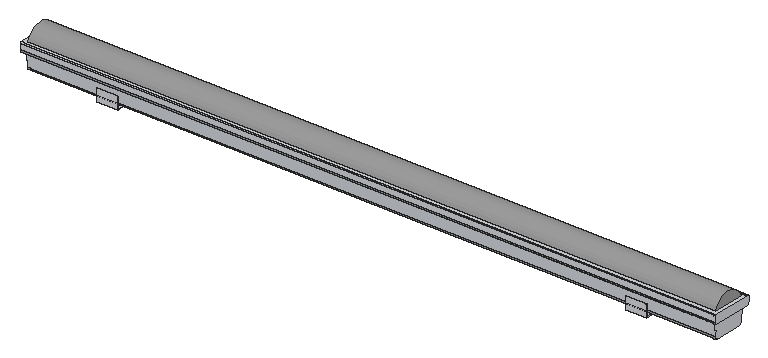
Revit family "0010274", category Lighting Fixtures, host Face, Revit 2017 (continued)
Types (60, lengths in mm): name | Weight | Wattage | TypeName | built-in parameter 1150134 | Photometric Web File | PowerFactor | PowerConsumption | NominalLength | Name | ModelReference | ModelNumber | Model | LuminousEfficacy | built-in parameter 1150105 | Lumens | LampNominalLuminous | LampMacAdamStep | LampColourTemperature | LENGHT_SYL | LENGHT_CHAMFER_SYL | LENGHT-_SYL | LENGHT-_CHAMFER_SYL | L0650_SYL | L1500_SYL | L1200_SYL | built-in parameter 1150107 | built-in parameter 1150106 | built-in parameter 1150104 | DocumentationLiterature | Description | BRACKET_WIDTH_SYL | BRACKET_DIST_SYL | Apparent Load
  0010215 RESISTO 1200 IP66 4800LM 840 QC | "1.61 kg" | 35 W | "Resisto  1200 IP66 4800lm 840 QC" | 12 | "0010215.ies" | 0.95 | "35 W" | 1212 | "Resisto  1200 IP66 4800lm 840 QC" | "Resisto  1200 IP66 4800lm 840 QC" | "0010215" | "Resisto  1200 IP66 4800lm 840 QC" | "137 lm/W" | 1583.6 (stored number, unit not read) | 4795 lm | "4800 lm" | "5" | "4000 K" | 592 | 600 | -592 | -600 | no | no | yes | 4000 (stored number, unit not read) | 15.836 (stored number, unit not read) | 12.728 (stored number, unit not read) | "http://www.sylvania-lighting.com/product/en-int/products/0010215" | "Resisto, integrated LED weatherproof luminaire, with UV stabilized flat diffuser designed to achieve uniform lit appearance, optimise light output and to reduce glare. 301 stainless steel diffuser clips and fixing brackets for surface mounting. Polycarbonate housing and diffuser - no yellow discolouration over time. 4800lm; 35W; 137lm/W; 4000K; SDCM<5; non dimmable; CRI80; IP66; IK08; Class I; 69,000hrs (L80B20) lifespan; 1200mm x 89mm x 88mm; D-mark; assembled with quick connector." | 400 | 444 | 35 VA
  0010214 RESISTO 1200 IP66 2800LM 840 QC | "1.57 kg" | 21 W | "Resisto  1200 IP66 2800lm 840 QC" | 12 | "0010214.ies" | 0.95 | "21 W" | 1212 | "Resisto  1200 IP66 2800lm 840 QC" | "Resisto  1200 IP66 2800lm 840 QC" | "0010214" | "Resisto  1200 IP66 2800lm 840 QC" | "133 lm/W" | 917.95 (stored number, unit not read) | 2793 lm | "2800 lm" | "5" | "4000 K" | 592 | 600 | -592 | -600 | no | no | yes | 4000 (stored number, unit not read) | 9.1795 (stored number, unit not read) | 12.356 (stored number, unit not read) | "http://www.sylvania-lighting.com/product/en-int/products/0010214" | "Resisto, integrated LED weatherproof luminaire, with UV stabilized flat diffuser designed to achieve uniform lit appearance, optimise light output and to reduce glare. 301 stainless steel diffuser clips and fixing brackets for surface mounting. Polycarbonate housing and diffuser - no yellow discolouration over time. 2800lm; 21W; 133lm/W; 4000K; SDCM<5; non dimmable; CRI80; IP66; IK08; Class I; 69,000hrs (L80B20) lifespan; 1200mm x 89mm x 88mm; D-mark; assembled with quick connector." | 400 | 444 | 21 VA
  0010213 RESISTO 1200 IP66 4800LM 865 | "1.54 kg" | 35 W | "Resisto  1200 IP66 4800lm 865" | 1 | "0010213.ies" | 0.95 | "35 W" | 1200 | "Resisto  1200 IP66 4800lm 865" | "Resisto  1200 IP66 4800lm 865" | "0010213" | "Resisto  1200 IP66 4800lm 865" | "137 lm/W" | 1583.6 (stored number, unit not read) | 4795 lm | "4800 lm" | "5" | "6500 K" | 592 | 600 | -592 | -600 | no | no | yes | 6500 (stored number, unit not read) | 15.836 (stored number, unit not read) | 12.728 (stored number, unit not read) | "http://www.sylvania-lighting.com/product/en-int/products/0010213" | "Resisto, integrated LED weatherproof luminaire, with UV stabilized flat diffuser designed to achieve uniform lit appearance, optimise light output and to reduce glare. 301 stainless steel diffuser clips and fixing brackets for surface mounting. Polycarbonate housing and diffuser - no yellow discolouration over time. 4800lm; 35W; 137lm/W; 6500K; SDCM<5; non dimmable; CRI80; IP66; IK08; Class I; 69,000hrs (L80B20) lifespan; 1200mm x 89mm x 88mm; D-mark." | 400 | 444 | 35 VA
  0010212 RESISTO 1200 IP66 2800LM 865 | "1.5 kg" | 21 W | "Resisto  1200 IP66 2800lm 865" | 1 | "0010212.ies" | 0.95 | "21 W" | 1200 | "Resisto  1200 IP66 2800lm 865" | "Resisto  1200 IP66 2800lm 865" | "0010212" | "Resisto  1200 IP66 2800lm 865" | "133 lm/W" | 917.95 (stored number, unit not read) | 2793 lm | "2800 lm" | "5" | "6500 K" | 592 | 600 | -592 | -600 | no | no | yes | 6500 (stored number, unit not read) | 9.1795 (stored number, unit not read) | 12.356 (stored number, unit not read) | "http://www.sylvania-lighting.com/product/en-int/products/0010212" | "Resisto, integrated LED weatherproof luminaire, with UV stabilized flat diffuser designed to achieve uniform lit appearance, optimise light output and to reduce glare. 301 stainless steel diffuser clips and fixing brackets for surface mounting. Polycarbonate housing and diffuser - no yellow discolouration over time. 2800lm; 21W; 133lm/W; 6500K; SDCM<5; non dimmable; CRI80; IP66; IK08; Class I; 69,000hrs (L80B20) lifespan; 1200mm x 89mm x 88mm; D-mark." | 400 | 444 | 21 VA
  0010211 RESISTO 1200 IP66 4800LM 840 | "11.88 kg" | 35 W | "Resisto  1200 IP66 4800lm 840" | 12 | "0010211.ies" | 0.95 | "35.0 W" | 1200 | "Resisto  1200 IP66 4800lm 840" | "Resisto  1200 IP66 4800lm 840" | "0010211" | "Resisto  1200 IP66 4800lm 840" | "137 lm/W" | -7601417.6 (stored number, unit not read) | 4795 lm | "4800 lm" | "5" | "4000 K" | 592 | 600 | -592 | -600 | no | no | yes | 4000 (stored number, unit not read) | -76014.2 (stored number, unit not read) | 12.728 (stored number, unit not read) | "http://www.sylvania-lighting.com/product/en-int/products/0010211" | "Resisto, integrated LED weatherproof luminaire, with UV stabilized flat diffuser designed to achieve uniform lit appearance, optimise light output and to reduce glare. 301 stainless steel diffuser clips and fixing brackets for surface mounting. Polycarbonate housing and diffuser - no yellow discolouration over time. 4800lm; 35W; 137lm/W; 4000K; SDCM<5; non dimmable; CRI80; IP66; IK08; Class I; 69,000hrs (L80B20) lifespan; 1200mm x 89mm x 88mm; D-mark." | 400 | 444 | 35 VA
  0010210 RESISTO 1200 IP66 2800LM 840 | "11.88 kg" | 21 W | "Resisto  1200 IP66 2800lm 840" | 12 | "0010210.ies" | 0.95 | "21.0 W" | 1200 | "Resisto  1200 IP66 2800lm 840" | "Resisto  1200 IP66 2800lm 840" | "0010210" | "Resisto  1200 IP66 2800lm 840" | "133 lm/W" | -2570258.2 (stored number, unit not read) | 2793 lm | "2800 lm" | "5" | "4000 K" | 592 | 600 | -592 | -600 | no | no | yes | 4000 (stored number, unit not read) | -25702.6 (stored number, unit not read) | 12.356 (stored number, unit not read) | "http://www.sylvania-lighting.com/product/en-int/products/0010210" | "Resisto, integrated LED weatherproof luminaire, with UV stabilized flat diffuser designed to achieve uniform lit appearance, optimise light output and to reduce glare. 301 stainless steel diffuser clips and fixing brackets for surface mounting. Polycarbonate housing and diffuser - no yellow discolouration over time. 2800lm; 21W; 133lm/W; 4000K; SDCM<5; non dimmable; CRI80; IP66; IK08; Class I; 69,000hrs (L80B20) lifespan; 1200mm x 89mm x 88mm; D-mark." | 400 | 444 | 21 VA
  0010209 RESISTO 1200 IP66 4800LM 830 | "1.54 kg" | 35 W | "Resisto  1200 IP66 4800lm 830" | (empty or 0) | "0010209.ies" | 0.95 | "35 W" | 1200 | "Resisto  1200 IP66 4800lm 830" | "Resisto  1200 IP66 4800lm 830" | "0010209" | "Resisto  1200 IP66 4800lm 830" | "137 lm/W" | 1583.6 (stored number, unit not read) | 4795 lm | "4800 lm" | "5" | "3000 K" | 592 | 600 | -592 | -600 | no | no | yes | 3000 (stored number, unit not read) | 15.836 (stored number, unit not read) | 12.728 (stored number, unit not read) | "http://www.sylvania-lighting.com/product/en-int/products/0010209" | "Resisto, integrated LED weatherproof luminaire, with UV stabilized flat diffuser designed to achieve uniform lit appearance, optimise light output and to reduce glare. 301 stainless steel diffuser clips and fixing brackets for surface mounting. Polycarbonate housing and diffuser - no yellow discolouration over time. 4800lm; 35W; 137lm/W; 3000K; SDCM<5; non dimmable; CRI80; IP66; IK08; Class I; 69,000hrs (L80B20) lifespan; 1200mm x 89mm x 88mm; D-mark." | 400 | 444 | 35 VA
  0010208 RESISTO 1200 IP66 2800LM 830 | "1.5 kg" | 21 W | "Resisto  1200 IP66 2800lm 830" | (empty or 0) | "0010208.ies" | 0.95 | "21 W" | 1200 | "Resisto  1200 IP66 2800lm 830" | "Resisto  1200 IP66 2800lm 830" | "0010208" | "Resisto  1200 IP66 2800lm 830" | "133 lm/W" | 917.95 (stored number, unit not read) | 2793 lm | "2800 lm" | "5" | "3000 K" | 592 | 600 | -592 | -600 | no | no | yes | 3000 (stored number, unit not read) | 9.1795 (stored number, unit not read) | 12.356 (stored number, unit not read) | "http://www.sylvania-lighting.com/product/en-int/products/0010208" | "Resisto, integrated LED weatherproof luminaire, with UV stabilized flat diffuser designed to achieve uniform lit appearance, optimise light output and to reduce glare. 301 stainless steel diffuser clips and fixing brackets for surface mounting. Polycarbonate housing and diffuser - no yellow discolouration over time. 2800lm; 21W; 133lm/W; 3000K; SDCM<5; non dimmable; CRI80; IP66; IK08; Class I; 69,000hrs (L80B20) lifespan; 1200mm x 89mm x 88mm; D-mark." | 400 | 444 | 21 VA
  0010207 RESISTO 600 HE IP66 2500LM 840 | "0.96 kg" | 16 W | "Resisto  600 HE IP66 2500lm 840" | 12 | "0010207.ies" | 0.95 | "16 W" | 650 | "Resisto  600 HE IP66 2500lm 840" | "Resisto  600 HE IP66 2500lm 840" | "0010207" | "Resisto  600 HE IP66 2500lm 840" | "156 lm/W" | 829.02 (stored number, unit not read) | 2496 lm | "2500 lm" | "3" | "4000 K" | 317 | 325 | -317 | -325 | yes | no | no | 4000 (stored number, unit not read) | 8.2902 (stored number, unit not read) | 14.493 (stored number, unit not read) | "http://www.sylvania-lighting.com/product/en-int/products/0010207" | "Resisto, integrated LED weatherproof luminaire, with UV stabilized flat diffuser designed to achieve uniform lit appearance, optimise light output and to reduce glare. 301 stainless steel diffuser clips and fixing brackets for surface mounting. Polycarbonate housing and diffuser - no yellow discolouration over time. 2500lm; 16W; 156lm/W; 4000K; SDCM<3; non dimmable; CRI80; IP66; IK08; Class I; 69,000hrs (L80B20) lifespan; 650mm x 89mm x 88mm; D-mark." | 125 | 169 | 16 VA
  0010206 RESISTO 600 HE IP66 1400LM 840 | "0.88 kg" | 10 W | "Resisto  600 HE IP66 1400lm 840" | 12 | "0010206.ies" | 0.9 | "10 W" | 650 | "Resisto  600 HE IP66 1400lm 840" | "Resisto  600 HE IP66 1400lm 840" | "0010206" | "Resisto  600 HE IP66 1400lm 840" | "140 lm/W" | 479.25 (stored number, unit not read) | 1400 lm | "1400 lm" | "3" | "4000 K" | 317 | 325 | -317 | -325 | yes | no | no | 4000 (stored number, unit not read) | 4.7925 (stored number, unit not read) | 13.006 (stored number, unit not read) | "http://www.sylvania-lighting.com/product/en-int/products/0010206" | "Resisto, integrated LED weatherproof luminaire, with UV stabilized flat diffuser designed to achieve uniform lit appearance, optimise light output and to reduce glare. 301 stainless steel diffuser clips and fixing brackets for surface mounting. Polycarbonate housing and diffuser - no yellow discolouration over time. 1400lm; 10W; 140lm/W; 4000K; SDCM<3; non dimmable; CRI80; IP66; IK08; Class I; 69,000hrs (L80B20) lifespan; 650mm x 89mm x 88mm; D-mark." | 125 | 169 | 10 VA
  0010205 RESISTO 600 IP66 2500LM 865 | "0.88 kg" | 19 W | "Resisto  600 IP66 2500lm 865" | 1 | "0010205.ies" | 1 | "19 W" | 650 | "Resisto  600 IP66 2500lm 865" | "Resisto  600 IP66 2500lm 865" | "0010205" | "Resisto  600 IP66 2500lm 865" | "132 lm/W" | 833.01 (stored number, unit not read) | 2508 lm | "2500 lm" | "5" | "6500 K" | 317 | 325 | -317 | -325 | yes | no | no | 6500 (stored number, unit not read) | 8.3301 (stored number, unit not read) | 12.263 (stored number, unit not read) | "http://www.sylvania-lighting.com/product/en-int/products/0010205" | "Resisto, integrated LED weatherproof luminaire, with UV stabilized flat diffuser designed to achieve uniform lit appearance, optimise light output and to reduce glare. 301 stainless steel diffuser clips and fixing brackets for surface mounting. Polycarbonate housing and diffuser - no yellow discolouration over time. 2500lm; 19W; 132lm/W; 6500K; SDCM<5; non dimmable; CRI80; IP66; IK08; Class I; 69,000hrs (L80B20) lifespan; 650mm x 89mm x 88mm; D-mark." | 125 | 169 | 19 VA
  0010204 RESISTO 600 IP66 1600LM 865 | "0.88 kg" | 12 W | "Resisto  600 IP66 1600lm 865" | 1 | "0010204.ies" | 0.9 | "12 W" | 650 | "Resisto  600 IP66 1600lm 865" | "Resisto  600 IP66 1600lm 865" | "0010204" | "Resisto  600 IP66 1600lm 865" | "133 lm/W" | 546.34 (stored number, unit not read) | 1596 lm | "1600 lm" | "5" | "6500 K" | 317 | 325 | -317 | -325 | yes | no | no | 6500 (stored number, unit not read) | 5.4634 (stored number, unit not read) | 12.356 (stored number, unit not read) | "http://www.sylvania-lighting.com/product/en-int/products/0010204" | "Resisto, integrated LED weatherproof luminaire, with UV stabilized flat diffuser designed to achieve uniform lit appearance, optimise light output and to reduce glare. 301 stainless steel diffuser clips and fixing brackets for surface mounting. Polycarbonate housing and diffuser - no yellow discolouration over time. 1600lm; 12W; 133lm/W; 6500K; SDCM<5; non dimmable; CRI80; IP66; IK08; Class I; 69,000hrs (L80B20) lifespan; 650mm x 89mm x 88mm; D-mark." | 125 | 169 | 12 VA
  0010203 RESISTO 600 IP66 2500LM 840 | "10.2 kg" | 19 W | "Resisto  600 IP66 2500lm 840" | 12 | "0010203.ies" | 0.95 | "19.0 W" | 650 | "Resisto  600 IP66 2500lm 840" | "Resisto  600 IP66 2500lm 840" | "0010203" | "Resisto  600 IP66 2500lm 840" | "132 lm/W" | -2082492.7 (stored number, unit not read) | 2508 lm | "2500 lm" | "5" | "4000 K" | 317 | 325 | -317 | -325 | yes | no | no | 4000 (stored number, unit not read) | -20824.9 (stored number, unit not read) | 12.263 (stored number, unit not read) | "http://www.sylvania-lighting.com/product/en-int/products/0010203" | "Resisto, integrated LED weatherproof luminaire, with UV stabilized flat diffuser designed to achieve uniform lit appearance, optimise light output and to reduce glare. 301 stainless steel diffuser clips and fixing brackets for surface mounting. Polycarbonate housing and diffuser - no yellow discolouration over time. 2500lm; 19W; 132lm/W; 4000K; SDCM<5; non dimmable; CRI80; IP66; IK08; Class I; 69,000hrs (L80B20) lifespan; 650mm x 89mm x 88mm; D-mark." | 125 | 169 | 19 VA
  0010202 RESISTO 600 IP66 1600LM 840 | "10.2 kg" | 12 W | "Resisto  600 IP66 1600lm 840" | 12 | "0010202.ies" | 0.9 | "12.0 W" | 650 | "Resisto  600 IP66 1600lm 840" | "Resisto  600 IP66 1600lm 840" | "0010202" | "Resisto  600 IP66 1600lm 840" | "133 lm/W" | -874129.2 (stored number, unit not read) | 1596 lm | "1600 lm" | "5" | "4000 K" | 317 | 325 | -317 | -325 | yes | no | no | 4000 (stored number, unit not read) | -8741.3 (stored number, unit not read) | 12.356 (stored number, unit not read) | "http://www.sylvania-lighting.com/product/en-int/products/0010202" | "Resisto, integrated LED weatherproof luminaire, with UV stabilized flat diffuser designed to achieve uniform lit appearance, optimise light output and to reduce glare. 301 stainless steel diffuser clips and fixing brackets for surface mounting. Polycarbonate housing and diffuser - no yellow discolouration over time. 1600lm; 12W; 133lm/W; 4000K; SDCM<5; non dimmable; CRI80; IP66; IK08; Class I; 69,000hrs (L80B20) lifespan; 650mm x 89mm x 88mm; D-mark." | 125 | 169 | 12 VA
  0010279 RESISTO 1500 HE IP66 DALI 8300LM 840 | "2.01 kg" | 54 W | "Resisto 1500 HE IP66 DALI 8300lm 840" | 12 | "0010279.ies" | 0.99 | "54 W" | 1500 | "Resisto 1500 HE IP66 DALI 8300lm 840" | "Resisto 1500 HE IP66 DALI 8300lm 840" | "0010279" | "Resisto 1500 HE IP66 DALI 8300lm 840" | "154 lm/W" | 2773 (stored number, unit not read) | 8316 lm | "8300 lm" | "3" | "4000 K" | 742 | 750 | -742 | -750 | no | yes | no | 4000 (stored number, unit not read) | 27.73 (stored number, unit not read) | 14.307 (stored number, unit not read) | "http://www.sylvania-lighting.com/product/en-int/products/0010279" | "Resisto, integrated LED weatherproof luminaire, with UV stabilized flat diffuser designed to achieve uniform lit appearance, optimise light output and to reduce glare. 301 stainless steel diffuser clips and fixing brackets for surface mounting. Polycarbonate housing and diffuser - no yellow discolouration over time. 8300lm; 54W; 154lm/W; 4000K; SDCM<3; DALI dimmable; CRI80; IP66; IK08; Class I; 69,000hrs (L80B20) lifespan; 1500mm x 89mm x 88mm; D-mark." | 550 | 594 | 54 VA
